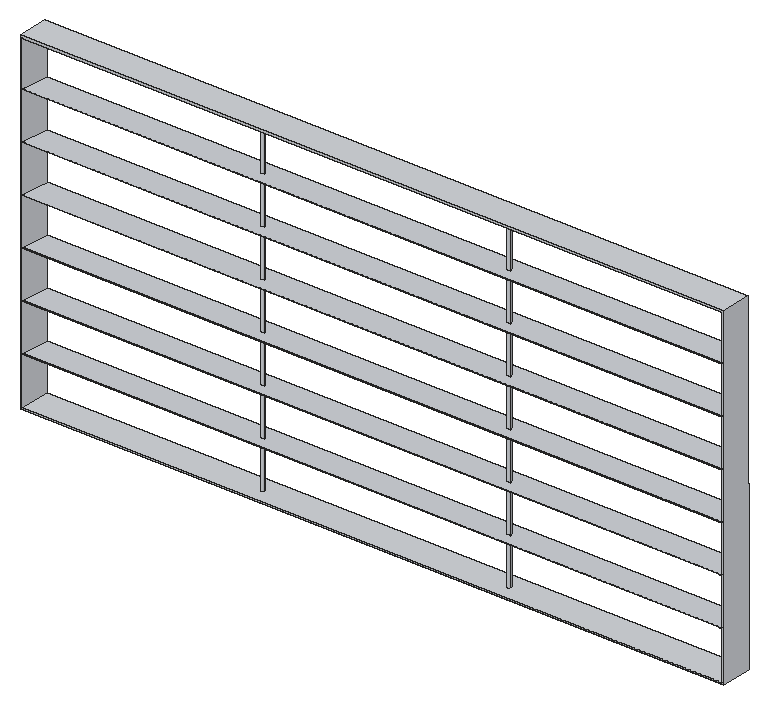
Revit family "WLV_A3-Main-Entrance-Louvre-22285wx1088h", category Generic Models, Revit 2016
Family settings
  Part Type = Normal
  Can host rebar = No
  Round Connector Dimension = Use Diameter
  Work Plane-Based = No
  Always vertical = Yes
  Cut with Voids When Loaded = No
  Shared = No
  Room Calculation Point = No
Parameters (values of type "Louvre Main Entrance")
  Width = 2285 mm
  Sill Height = 0 mm
  Louvre Depth = 0 mm
  Height = 1088 mm
  Frame Depth = 0 mm
  Edge Dist = 0 mm
  Assembly Code = ""
Reference planes
  plane 1 "Center (Front/Back)": y = 0
  plane 2: z = 0
  plane 3 "Center (Left/Right)": x = 0
  plane 4 "Top": z = 1265.569
  plane 5: z = 177.569
  plane 6: z = 177.569
  plane 7: z = 1265.569
  plane 8: z = 545.569
  plane 9: z = 390.569
  plane 10: z = 235.569
  plane 11: x = 1129.468
  plane 12: x = -1155.532
  plane 13: z = 721.569
  plane 14: x = -408.032
  plane 15: x = 391.968
Forms (mm)
  Sweep 1, solid
    path origin (7.811, 0, -29.431) x (0, 0, -1) y (-1, 0, 0)
      loop
        line (-207, -1121.657) -> (-207, 1163.343) -> (-1295, 1163.343) -> (-1295, -1121.657) -> (-207, -1121.657)
    profile origin (-13.032, 0, 177.569) x (0, 0, 1) y (0, 1, 0)
      loop
        line (5, 50) -> (0, 50) -> (0, -50) -> (5, -50) -> (5, 50)
  Extrusion 2, solid
    sketch origin (-10.532, -15.028, 25.882) x (0, 1, 0) y (0, 0, 1)
      loop
        line (64.74, 305.516) -> (64.879, 307.11) -> (-34.74, 315.826) -> (-34.879, 314.232) -> (64.74, 305.516)
    from -1140 to 1135
  Extrusion 3, solid
    sketch origin (-392.189, 0, -29.431) x (1, 0, 0) y (0, 1, 0)
      loop
        circle (-15.843, 0) r 6
    from 212 to 1290
  Extrusion 4, solid, not visible
    sketch origin (-8.032, -15.028, 70.598) x (0, 1, 0) y (0, 0, 1)
      loop
        line (64.74, 305.516) -> (64.879, 307.11) -> (-34.74, 315.826) -> (-34.879, 314.232) -> (64.74, 305.516)
    from -1140 to 1135
  Extrusion 5, solid
    sketch origin (407.811, 0, -29.431) x (1, 0, 0) y (0, 1, 0)
      loop
        circle (-15.843, 0) r 6
    from 212 to 1290
  Extrusion 6, solid
    sketch origin (-10.532, -15.028, 179.882) x (0, 1, 0) y (0, 0, 1)
      loop
        line (64.74, 305.516) -> (64.879, 307.11) -> (-34.74, 315.826) -> (-34.879, 314.232) -> (64.74, 305.516)
    from -1140 to 1135
  Extrusion 7, solid
    sketch origin (-10.532, -15.028, 333.882) x (0, 1, 0) y (0, 0, 1)
      loop
        line (64.74, 305.516) -> (64.879, 307.11) -> (-34.74, 315.826) -> (-34.879, 314.232) -> (64.74, 305.516)
    from -1140 to 1135
  Extrusion 8, solid
    sketch origin (-10.532, -15.028, 487.882) x (0, 1, 0) y (0, 0, 1)
      loop
        line (64.74, 305.516) -> (64.879, 307.11) -> (-34.74, 315.826) -> (-34.879, 314.232) -> (64.74, 305.516)
    from -1140 to 1135
  Extrusion 9, solid
    sketch origin (-10.532, -15.028, 641.882) x (0, 1, 0) y (0, 0, 1)
      loop
        line (64.74, 305.516) -> (64.879, 307.11) -> (-34.74, 315.826) -> (-34.879, 314.232) -> (64.74, 305.516)
    from -1140 to 1135
  Extrusion 10, solid
    sketch origin (-10.532, -15.028, 795.882) x (0, 1, 0) y (0, 0, 1)
      loop
        line (64.74, 305.516) -> (64.879, 307.11) -> (-34.74, 315.826) -> (-34.879, 314.232) -> (64.74, 305.516)
    from -1140 to 1135
Text (mm)
  text "External" at (-640.293, -281.39, 0), in view "Ref. Level"
Dimensions and locks
  "Height": plane 5 to plane 4 "Top"
  "Edge Dist": plane 4 "Top" to plane 7
  "Edge Dist": plane 6 to plane 5
  plane 12 to plane 11 = 2285 mm
  Sweep 1 to Sweep 1 = 1078 mm
  equal spacing: Sweep 1, plane 13, Sweep 1
  Sweep 1 to plane 14 to plane 15 to Sweep 1 = 747.5 mm, 800 mm, 737.5 mm
  Sweep 1 to Sweep 1 = 2275 mm
  "Width": plane 12 to plane 11
  Sweep 1 to Sweep 1 = 1088 mm
  equal spacing: group 1, group 3, group 4, group 5, group 6, group 7  (x3)
  aligned and locked: level to plane 2
  aligned: Sweep 1 to Extrusion 3  (x2)
  aligned: Sweep 1 to Extrusion 5  (x2)
  aligned and locked: Sweep 1 sketch curve to plane 12
  aligned and locked: Sweep 1 sketch curve to plane 11
  aligned and locked: Extrusion 2 to Sweep 1  (x2)
  aligned and locked: Sweep 1 sketch curve to plane 6
  aligned and locked: Sweep 1 sketch curve to plane 7
  aligned and locked: Extrusion 3 to Sweep 1  (x2)
  aligned and locked: Extrusion 5 to Sweep 1  (x2)
Automatic sketch dimensions
  plane 1 "Center (Front/Back)" to Extrusion 3 sketch curve = 0 mm
  Extrusion 3 sketch curve to plane 3 "Center (Left/Right)" = 408.032 mm
  plane 1 "Center (Front/Back)" to Extrusion 5 sketch curve = 0 mm
  plane 3 "Center (Left/Right)" to Extrusion 5 sketch curve = 391.968 mm
  profile plane to Sweep 1 sketch curve = 0 mm
  Sweep 1 sketch curve to profile plane = 5 mm
  Sweep 1 sketch curve to profile plane = 50 mm
  profile plane to Sweep 1 sketch curve = 50 mm
  radius of Extrusion 3 sketch curve = 6 mm
  radius of Extrusion 5 sketch curve = 6 mm
